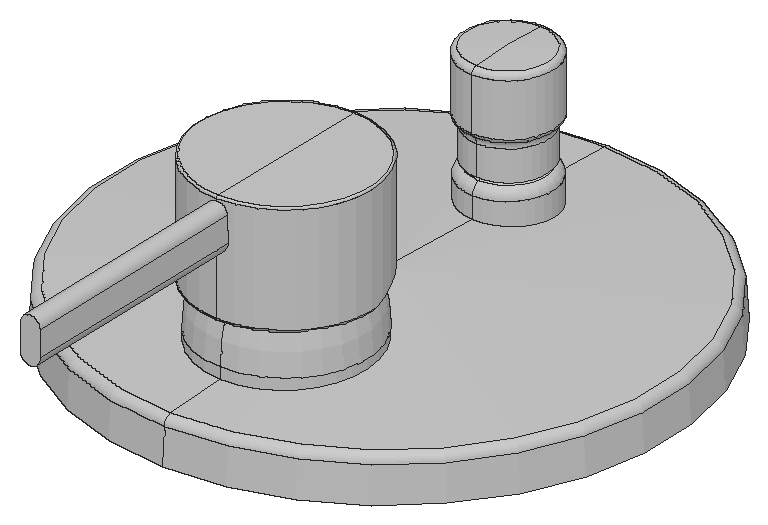
Revit family "Sanitary_Taps-mixers_hansgrohe_74415XXX-Zesis-S-Single-lever-bath-mixer_concealed-installation_iBox-universal", category Plumbing Fixtures, host Face, Revit 2022
Family settings
  Host = Face
  Round Connector Dimension = Use Diameter
  Part Type = Normal
  OmniClass Number = 23.31.11.00
  OmniClass Title = Faucets
  Cut with Voids When Loaded = Yes
  Maintain Annotation Orientation = No
  Shared = No
  Room Calculation Point = No
Parameters (values of type "000 Chrome")
  Version = 1  # constant formula
  URL = "https://www.hansgrohe.com/"
  Product data url = "https://www.bimobject.com/en/hansgrohe/product/74415XXX"
  Product Page URL = "https://www.hansgrohe.com/articledetail--74415000"
  Model = "74415XXX"  # constant formula
  Material 1 = Hansgrohe - Metal - 000 Chrome
  Manufacturer = "Hansgrohe"  # constant formula
  Description = "Zesis S Single lever bath mixer for concealed installation for iBox universal"  # constant formula
  Default Elevation = 0 mm
  Date Updated = ""
  Date Created = "2024/12/17"  # constant formula
Types (3, lengths in mm): name | Material 1
  (no name) | Hansgrohe - Metal - 000 Chrome
  000 Chrome | Hansgrohe - Metal - 000 Chrome
  670 Matt Black | Hansgrohe - Metal - 670 Matt Black
Reference planes
  plane 1 "Center (Front/Back)": y = 0
  plane 2: z = 0
  plane 3 "Center (Left/Right)": x = 0
Forms (mm)
  Revolve 1, solid, material "Hansgrohe - Metal - 000 Chrome" <- "Material 1", detail levels fine
    sketch origin (0, 0, 0) x (0, 1, 0) y (0, 0, 1)
      loop
        line (0, 0) -> (74.941, 0) -> (74.448, 9.406)
        arc (74.448, 9.406) -> (73.752, 11.01) -> (72.175, 11.765) r 2.5
        arc (72.175, 11.765) -> (36.124, 14.191) -> (0, 15) r 806.803
        line (0, 15) -> (0, 0)
      axis (0, 15) -> (0, 0)
    angle from 0 to 360
  Revolve 2, solid, material "Hansgrohe - Metal - 000 Chrome" <- "Material 1", detail levels fine
    sketch origin (0, 0, 0) x (0, 1, 0) y (0, 0, 1)
      loop
        line (39.952, 4.9) -> (51.743, 4.9) -> (51.743, 19.4)
        arc (51.743, 19.4) -> (51.225, 21.078) -> (49.852, 22.174) r 2.98
        line (49.852, 22.174) -> (47.186, 23.222) -> (50.452, 23.222) -> (50.452, 31.222)
        arc (50.452, 31.222) -> (50.75, 32.456) -> (51.577, 33.419) r 2.707
        arc (51.577, 33.419) -> (51.883, 33.774) -> (51.993, 34.23) r 1
        line (51.993, 34.23) -> (51.993, 48.354)
        arc (51.993, 48.354) -> (51.594, 49.372) -> (50.611, 49.849) r 1.5
        arc (50.611, 49.849) -> (45.286, 50.165) -> (39.952, 50.27) r 135.292
        line (39.952, 50.27) -> (39.952, 4.9)
      axis (39.952, 4.9) -> (39.952, 50.27)
    angle from 0 to 360
  Revolve 3, solid, material "Hansgrohe - Metal - 000 Chrome" <- "Material 1", detail levels fine
    sketch origin (0, 0, 0) x (0, 1, 0) y (0, 0, 1)
      loop
        line (-34.048, 8.388) -> (-12.298, 8.388) -> (-12.298, 15.388)
        arc (-12.298, 15.388) -> (-13.657, 25.86) -> (-17.645, 35.638) r 41.02
        line (-17.645, 35.638) -> (-34.048, 35.638) -> (-34.048, 8.388)
      axis (-34.048, 35.638) -> (-34.048, 8.388)
    angle from 0 to 360
  Extrusion 4, void
    sketch origin (0, 0, 0) x (0, 1, 0) y (0, 0, 1)
      loop
        line (0, 37.41) -> (-39.523, 25.326) -> (0, 25.326) -> (0, 37.41)
    from -25 to 25
  Revolve 5, solid, material "Hansgrohe - Metal - 000 Chrome" <- "Material 1", detail levels fine
    sketch origin (0, 0, 0) x (0, 1, 0) y (0, 0, 1)
      loop
        line (-34.048, 27) -> (-11.548, 27)
        arc (-11.548, 27) -> (-11.194, 27.146) -> (-11.048, 27.5) r 0.5
        line (-11.048, 27.5) -> (-11.048, 56.138)
        arc (-11.048, 56.138) -> (-11.194, 56.492) -> (-11.548, 56.638) r 0.5
        line (-11.548, 56.638) -> (-34.048, 56.638) -> (-34.048, 27)
      axis (-34.048, 56.638) -> (-34.048, 27)
    angle from 0 to 360
  Sweep 6, solid, material "Hansgrohe - Metal - 000 Chrome" <- "Material 1", detail levels fine
    path origin (0, 0, 0) x (0, 1, 0) y (0, 0, 1)
      loop
        line (-118.95, 49.596) -> (-33.95, 49.596)
    profile origin (0, -118.95, 49.596) x (0, 0, 1) y (1, 0, 0)
      loop
        line (-3.298, -2.749) -> (3.315, -2.634)
        arc (3.315, -2.634) -> (5.904, 0) -> (3.315, 2.634) r 2.634
        line (3.315, 2.634) -> (-3.298, 2.749)
        arc (-3.298, 2.749) -> (-6.096, 0) -> (-3.298, -2.749) r 2.75
  Revolve 7, solid, material "Hansgrohe - Metal - 000 Chrome" <- "Material 1", detail levels coarse+medium
    sketch origin (0, 0, 0) x (0, 1, 0) y (0, 0, 1)
      loop
        line (0, 0) -> (74.941, 0) -> (74.941, 15) -> (0, 15) -> (0, 0)
      axis (0, 15) -> (0, 0)
    angle from 0 to 360
  Revolve 8, solid, material "Hansgrohe - Metal - 000 Chrome" <- "Material 1", detail levels medium
    sketch origin (0, 0, 0) x (0, 1, 0) y (0, 0, 1)
      loop
        line (39.952, 4.9) -> (51.743, 4.9) -> (51.743, 19.4) -> (47.186, 23.222) -> (50.452, 23.222) -> (50.452, 31.222) -> (51.993, 34.23) -> (51.993, 50.27) -> (39.952, 50.27) -> (39.952, 4.9)
      axis (39.952, 4.9) -> (39.952, 50.27)
    angle from 0 to 360
  Revolve 9, solid, material "Hansgrohe - Metal - 000 Chrome" <- "Material 1", detail levels medium
    sketch origin (0, 0, 0) x (0, 1, 0) y (0, 0, 1)
      loop
        line (-34.048, 8.388) -> (-12.301, 8.388) -> (-12.301, 27) -> (-11.048, 27) -> (-11.048, 56.638) -> (-34.048, 56.638) -> (-34.048, 8.388)
      axis (-34.048, 56.638) -> (-34.048, 8.388)
    angle from 0 to 360
  Sweep 10, solid, material "Hansgrohe - Metal - 000 Chrome" <- "Material 1", detail levels coarse+medium
    path origin (0, 0, 0) x (0, 1, 0) y (0, 0, 1)
      loop
        line (-118.95, 49.596) -> (-33.95, 49.596)
    profile origin (0, -118.95, 49.596) x (0, 0, 1) y (1, 0, 0)
      loop
        line (-6.096, -2.749) -> (5.904, -2.749) -> (5.904, 2.749) -> (-6.096, 2.749) -> (-6.096, -2.749)
  Revolve 11, solid, material "Hansgrohe - Metal - 000 Chrome" <- "Material 1", detail levels coarse
    sketch origin (0, 0, 0) x (0, 1, 0) y (0, 0, 1)
      loop
        line (39.952, 4.9) -> (51.743, 4.9) -> (51.743, 50.27) -> (39.952, 50.27) -> (39.952, 4.9)
      axis (39.952, 4.9) -> (39.952, 50.27)
    angle from 0 to 360
  Revolve 12, solid, material "Hansgrohe - Metal - 000 Chrome" <- "Material 1", detail levels coarse
    sketch origin (0, 0, 0) x (0, 1, 0) y (0, 0, 1)
      loop
        line (-34.048, 8.388) -> (-11.048, 8.388) -> (-11.048, 56.638) -> (-34.048, 56.638) -> (-34.048, 8.388)
      axis (-34.048, 56.638) -> (-34.048, 8.388)
    angle from 0 to 360
Cuts and joins
  Extrusion 4 cuts Revolve 5
  joined: Revolve 3, Revolve 5, Sweep 6
Lines and regions (mm)
  Masking region 1
    outline origin (0, 0, 0) x (0, 1, 0) y (0, 0, 1)
      loop
        arc (28.327, 33.419) -> (29.154, 32.456) -> (29.452, 31.222) r 2.707
        line (29.452, 31.222) -> (29.452, 23.222) -> (32.718, 23.222) -> (30.052, 22.174)
        arc (30.052, 22.174) -> (28.679, 21.078) -> (28.161, 19.4) r 2.98
        line (28.161, 19.4) -> (28.161, 14.508)
        arc (28.161, 14.508) -> (14.083, 14.877) -> (0, 15) r 806.803
        arc (0, 15) -> (-6.151, 14.977) -> (-12.301, 14.906) r 806.803
        arc (-12.301, 14.906) -> (-13.194, 23.913) -> (-16.04, 32.506) r 41.02
        line (-16.04, 32.506) -> (-11.048, 34.032) -> (-11.048, 56.138)
        arc (-11.048, 56.138) -> (-11.194, 56.492) -> (-11.548, 56.638) r 0.5
        line (-11.548, 56.638) -> (-34.048, 56.638) -> (-57.048, 56.638) -> (-57.048, 55.5) -> (-118.95, 55.5) -> (-118.95, 43.5) -> (-57.048, 43.5) -> (-57.048, 26.995) -> (-54.122, 26.995)
        arc (-54.122, 26.995) -> (-55.526, 20.103) -> (-55.733, 13.073) r 41.02
        arc (-55.733, 13.073) -> (-63.957, 12.461) -> (-72.175, 11.765) r 806.803
        arc (-72.175, 11.765) -> (-73.752, 11.01) -> (-74.448, 9.406) r 2.5
        line (-74.448, 9.406) -> (-74.941, 0) -> (0, 0) -> (74.941, 0) -> (74.448, 9.406)
        arc (74.448, 9.406) -> (73.752, 11.01) -> (72.175, 11.765) r 2.5
        arc (72.175, 11.765) -> (61.964, 12.617) -> (51.743, 13.339) r 806.803
        line (51.743, 13.339) -> (51.743, 19.4)
        arc (51.743, 19.4) -> (51.225, 21.078) -> (49.852, 22.174) r 2.98
        line (49.852, 22.174) -> (47.186, 23.222) -> (50.452, 23.222) -> (50.452, 31.222)
        arc (50.452, 31.222) -> (50.75, 32.456) -> (51.577, 33.419) r 2.707
        arc (51.577, 33.419) -> (51.883, 33.774) -> (51.993, 34.23) r 1
        line (51.993, 34.23) -> (51.993, 48.354)
        arc (51.993, 48.354) -> (51.594, 49.372) -> (50.611, 49.849) r 1.5
        arc (50.611, 49.849) -> (45.286, 50.165) -> (39.952, 50.27) r 135.292
        arc (39.952, 50.27) -> (34.618, 50.165) -> (29.293, 49.849) r 135.292
        arc (29.293, 49.849) -> (28.31, 49.372) -> (27.911, 48.354) r 1.5
        line (27.911, 48.354) -> (27.911, 34.23)
        arc (27.911, 34.23) -> (28.021, 33.774) -> (28.327, 33.419) r 1
  Masking region 2
    outline origin (0, 0, 0) x (1, 0, 0) y (0, 0, 1)
      loop
        line (0, 56.638) -> (-22.5, 56.638)
        arc (-22.5, 56.638) -> (-22.854, 56.492) -> (-23, 56.138) r 0.5
        line (-23, 56.138) -> (-23, 27.5)
        arc (-23, 27.5) -> (-22.854, 27.146) -> (-22.5, 27) r 0.5
        line (-22.5, 27) -> (-20.072, 27)
        arc (-20.072, 27) -> (-21.376, 20.917) -> (-21.744, 14.707) r 41.02
        arc (-21.744, 14.707) -> (-46.983, 13.631) -> (-72.175, 11.765) r 806.803
        arc (-72.175, 11.765) -> (-73.752, 11.01) -> (-74.448, 9.406) r 2.5
        line (-74.448, 9.406) -> (-74.941, 0) -> (0, 0) -> (74.941, 0) -> (74.448, 9.406)
        arc (74.448, 9.406) -> (73.752, 11.01) -> (72.175, 11.765) r 2.5
        arc (72.175, 11.765) -> (46.983, 13.631) -> (21.744, 14.707) r 806.803
        arc (21.744, 14.707) -> (21.376, 20.917) -> (20.072, 27) r 41.02
        line (20.072, 27) -> (22.5, 27)
        arc (22.5, 27) -> (22.854, 27.146) -> (23, 27.5) r 0.5
        line (23, 27.5) -> (23, 56.138)
        arc (23, 56.138) -> (22.854, 56.492) -> (22.5, 56.638) r 0.5
        line (22.5, 56.638) -> (0, 56.638)
  Masking region 3
    outline origin (0, 0, 0) x (1, 0, 0) y (0, 1, 0)
      loop
        arc (2.75, -74.891) -> (0, 74.941) -> (-2.75, -74.891) r 74.941
        line (-2.75, -74.891) -> (-2.75, -118.95) -> (2.75, -118.95) -> (2.75, -74.891)
  symbolic lines, detail levels medium+fine
    curve 1: line (0, -34.063, 26.995) -> (0, -54.122, 26.995)
    curve 2: line (0, -16.04, 32.506) -> (0, -34.063, 26.995)
    curve 3: line (0, -57.048, 43.5) -> (0, -57.048, 55.5)
    curve 4: arc (0, -55.733, 13.073) -> (0, -34.029, 14.282) -> (0, -12.301, 14.906) r 806.803
    curve 5: arc (0, 51.743, 13.339) -> (0, 39.956, 14.01) -> (0, 28.161, 14.508) r 806.803
    curve 6: line (0, 47.186, 23.222) -> (0, 32.718, 23.222)
    curve 8: circle (0, -33.95, 0) r 23 normal (0, 0, 1)
    curve 9: circle (0, 39.952, 0) r 12.041 normal (0, 0, 1)
    curve 10: line (-2.634, -74.936, 0) -> (-2.634, -56.799, 0)
    curve 11: line (2.75, -74.891, 0) -> (2.75, -56.786, 0)
    curve 12: spline (11.272, 0, 33.115) -> (12.915, 0, 32.807) -> (14.464, 0, 32.461) -> (15.911, 0, 32.079) -> (17.243, 0, 31.662) -> (18.453, 0, 31.215) -> (19.531, 0, 30.74) -> (20.471, 0, 30.24) -> (21.265, 0, 29.72) -> (21.908, 0, 29.181) -> (22.397, 0, 28.629) -> (22.727, 0, 28.067) -> (22.896, 0, 27.499)
    curve 13: line (-12.041, 0, 48.354) -> (-12.041, 0, 34.23)
    curve 14: arc (-12.041, 0, 34.23) -> (-11.931, 0, 33.774) -> (-11.625, 0, 33.419) r 1
    curve 15: arc (-11.625, 0, 33.419) -> (-10.798, 0, 32.456) -> (-10.5, 0, 31.222) r 2.707
    curve 16: line (-10.5, 0, 31.222) -> (-10.5, 0, 23.222)
    curve 17: line (-10.5, 0, 23.222) -> (-7.234, 0, 23.222)
    curve 18: line (-7.234, 0, 23.222) -> (-9.9, 0, 22.174)
    curve 19: arc (-9.9, 0, 22.174) -> (-11.273, 0, 21.078) -> (-11.791, 0, 19.4) r 2.98
    curve 20: line (-11.791, 0, 19.4) -> (-11.791, 0, 13.914)
    curve 21: arc (0, 0, 50.27) -> (-5.334, 0, 50.165) -> (-10.659, 0, 49.849) r 135.292
    curve 22: arc (-10.659, 0, 49.849) -> (-11.642, 0, 49.372) -> (-12.041, 0, 48.354) r 1.5
    curve 23: line (-7.234, 0, 23.222) -> (0, 0, 23.222)
    curve 24: spline (20.051, 0, 27) -> (19.871, 0, 27.463) -> (19.568, 0, 27.92) -> (19.144, 0, 28.368) -> (18.601, 0, 28.806) -> (17.943, 0, 29.23) -> (17.174, 0, 29.637) -> (16.298, 0, 30.026) -> (15.321, 0, 30.394) -> (14.248, 0, 30.738) -> (13.087, 0, 31.056) -> (11.845, 0, 31.347) -> (10.528, 0, 31.609)
    curve 25: spline (-10.528, 0, 31.609) -> (-11.845, 0, 31.347) -> (-13.087, 0, 31.056) -> (-14.248, 0, 30.738) -> (-15.321, 0, 30.394) -> (-16.298, 0, 30.026) -> (-17.174, 0, 29.637) -> (-17.943, 0, 29.23) -> (-18.601, 0, 28.806) -> (-19.144, 0, 28.368) -> (-19.568, 0, 27.92) -> (-19.871, 0, 27.463) -> (-20.051, 0, 27)
    curve 26: line (12.041, 0, 48.354) -> (12.041, 0, 34.23)
    curve 27: arc (12.041, 0, 34.23) -> (11.931, 0, 33.774) -> (11.625, 0, 33.419) r 1
    curve 28: arc (11.625, 0, 33.419) -> (10.798, 0, 32.456) -> (10.5, 0, 31.222) r 2.707
    curve 29: line (10.5, 0, 31.222) -> (10.5, 0, 23.222)
    curve 30: line (10.5, 0, 23.222) -> (7.234, 0, 23.222)
    curve 31: line (7.234, 0, 23.222) -> (9.9, 0, 22.174)
    curve 32: arc (9.9, 0, 22.174) -> (11.273, 0, 21.078) -> (11.791, 0, 19.4) r 2.98
    curve 33: line (11.791, 0, 19.4) -> (11.791, 0, 13.914)
    curve 34: arc (0, 0, 50.27) -> (5.334, 0, 50.165) -> (10.659, 0, 49.849) r 135.292
    curve 35: arc (10.659, 0, 49.849) -> (11.642, 0, 49.372) -> (12.041, 0, 48.354) r 1.5
    curve 36: line (7.234, 0, 23.222) -> (0, 0, 23.222)
    curve 37: spline (-11.272, 0, 33.115) -> (-12.915, 0, 32.807) -> (-14.464, 0, 32.461) -> (-15.911, 0, 32.079) -> (-17.243, 0, 31.662) -> (-18.453, 0, 31.215) -> (-19.531, 0, 30.74) -> (-20.471, 0, 30.24) -> (-21.265, 0, 29.72) -> (-21.908, 0, 29.181) -> (-22.397, 0, 28.629) -> (-22.727, 0, 28.067) -> (-22.896, 0, 27.499)
    curve 38: arc (21.744, 0, 14.707) -> (16.768, 0, 14.826) -> (11.791, 0, 14.914) r 806.803
    curve 39: arc (11.791, 0, 13.914) -> (0, 0, 14.279) -> (-11.791, 0, 13.914) r 190.75
    curve 40: arc (-11.791, 0, 14.914) -> (-16.768, 0, 14.826) -> (-21.744, 0, 14.707) r 806.803
  symbolic lines, detail levels fine
    curve 7: line (0, 51.993, 34.23) -> (0, 27.911, 34.23)
Dimensions and locks
  aligned and locked: plane 2 to host face
  aligned and locked: level to host face
